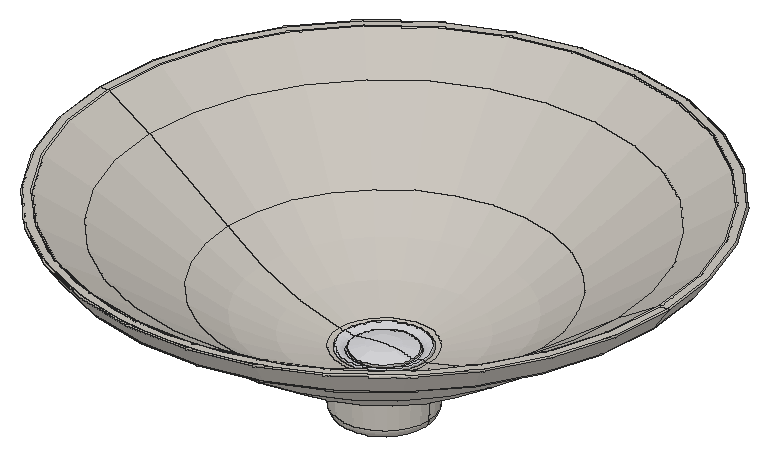
Revit family "Sink-Vessel-Lavatory-KOHLER-Shagreen_Round-K-77714_1", category Plumbing Fixtures, host Face, Revit 2017
Family settings
  Host = Face
  Round Connector Dimension = Use Diameter
  Part Type = Normal
  OmniClass Number = 23.31.13.00
  OmniClass Title = Sinks
  Cut with Voids When Loaded = No
  Shared = No
  Room Calculation Point = No
Parameters (values of type "SSP-Oyster_Pearl")
  Width = 17 173/256"  # constant formula
  WaterSense Certified = 1 = 0  # no
  Waste Water Outlet = "Waste Water Outlet"  # constant formula
  Waste Connection = 1 = 1  # yes
  Vessel [instance] = not(Drop In)  # no
  Vent Connection = 1 = 0  # no
  URL = "https://www.us.kohler.com/us/"
  Type = 1
  Product Page URL = "http://www.us.kohler.com/us/catalog/productDetails.jsp?productId=77714"
  Product Name = "Shagreen_Rectangle\r\n"  # constant formula
  Product Documentation Link = "https://www.us.kohler.com/webassets/kpna/catalog/pdf/en/K-77714_spec_US-CA_Kohler_en.pdf"
  Model = if(Type = 1, "K-77714-SSP", if(Type = 2, "K-77714-TB2", "NA"))  # "K-77714-SSP"
  Material = "Vitreous china"  # constant formula
  Master Format 2014 Name = "Residential Lavatories and Sinks"  # constant formula
  Master Format 2014 = "22 41 16"  # constant formula
  Manufacturer Address = "444 Highland Dr, Kohler, WI 53044"  # constant formula
  Manufacturer = "KOHLER Co."  # constant formula
  Length = 17 173/256"  # constant formula
  Hot Water Inlet = "Hot Water Inlet"  # constant formula
  Height = 5 63/64"  # constant formula
  HW Connection = 1 = 0  # no
  Finish = KOHLER-Vitreous_China-SSP-Oyster_Pearl
  Environmental Product Declaration = ""
  Drop In [instance] = yes
  Drain Included = 1 = 0  # no
  Description = "Round Wading Pool"  # constant formula
  Depth [instance] = if(Drop In, 1 3/4", 0")  # 1 3/4"
  Default Elevation = 36"
  Declare Label = ""
  Date Modified = "02/09/2021"  # constant formula
  Date Created = "02/09/2021"  # constant formula
  Copyright = "Copyright KOHLER Co."  # constant formula
  Contact Us = "https://www.us.kohler.com/us/static/contact.jsp"
  Cold Water Inlet = "Cold Water Inlet"  # constant formula
  CW Connection = 1 = 0  # no
  Assembly Code = "D2010400"
  ADA Compliant = 1 = 1  # yes
Types (3): name | Type | Product Page URL | Model | Finish
  (no name) | 1 | "http://www.us.kohler.com/us/catalog/productDetails.jsp?productId=77714" | "K-77714-SSP" | KOHLER-Vitreous_China-SSP-Oyster_Pearl
  SSP-Oyster_Pearl | 1 | "http://www.us.kohler.com/us/catalog/productDetails.jsp?productId=77714" | "K-77714-SSP" | KOHLER-Vitreous_China-SSP-Oyster_Pearl
  TB2-Ebony_Pearl | 2 | "http://www.us.kohler.com/us/catalog/productDetails.jsp?productId=K-77714" | "K-77714-TB2" | KOHLER-Vitreous_China-TB2-Ebony_Pearl
Reference planes (in)
  plane 1 "Center (Front/Back)": y = 0
  plane 2: z = 0
  plane 3 "Center (Left/Right)": x = 0
  plane 4: y = 8.83858
  plane 5: x = 8.83858
  plane 6: x = -8.8372
  plane 7: y = -8.8372
  plane 8: z = -1.75
  plane 9: z = -1.00197
  plane 10: z = -6.98634
Forms (in)
  Extrusion 1, void
    sketch origin (0, 0, 0) x (1, 0, 0) y (0, 1, 0)
      loop
        circle (0, 0) r 8.83858
    from -1.00197 to 3.06394
  Extrusion 2, void
    sketch origin (0, 0, 0) x (1, 0, 0) y (0, 1, 0)
      loop
        circle (0, 0) r 8.83858
    from -1.75 to -1.00197
  Extrusion 3, void
    sketch origin (0, 0, 0) x (1, 0, 0) y (0, 1, 0)
      loop
        circle (0, 0) r 8.25
    from -10.72174 to -1.75
Dimensions and locks (in)
  "Length": plane 4 to plane 7
  "Width": plane 6 to plane 5
  "Depth": level to plane 8
  locked: plane 9 to plane 8 at 0.74803
  "Height": plane 10 to plane 9
  aligned and locked: plane 2 to host face
  aligned and locked: level to host face
  aligned and locked: plane 8 to nested 1
  aligned and locked: plane 9 to nested 1
  aligned and locked: Extrusion 1 to plane 9
  aligned and locked: plane 9 to Extrusion 2
  aligned and locked: Extrusion 2 to plane 8
  aligned and locked: plane 8 to Extrusion 3
  aligned and locked: plane 10 to nested 1
Automatic sketch dimensions
  host sketch curve to host sketch curve = 96"  (x2)
  plane 1 "Center (Front/Back)" to Extrusion 1 sketch curve = 0"
  Extrusion 1 sketch curve to plane 3 "Center (Left/Right)" = 0"
  plane 1 "Center (Front/Back)" to Extrusion 2 sketch curve = 0"
  Extrusion 2 sketch curve to plane 3 "Center (Left/Right)" = 0"
  plane 1 "Center (Front/Back)" to Extrusion 3 sketch curve = 0"
  Extrusion 3 sketch curve to plane 3 "Center (Left/Right)" = 0"
  radius of Extrusion 1 sketch curve = 8.83858"
  radius of Extrusion 2 sketch curve = 8.83858"
  radius of Extrusion 3 sketch curve = 8 1/4"
Nested families (in)
  nested 1: "K-77714" at (0, 0, -6.98622), type "K-77714"
Connectors (in)
  piping at (0, 0, -6.98622), diameter 1.25, driven by "Waste Connection", driven by "Waste Water Outlet"
    settings: on nested 1, index 1, connector inside diameter 24", connector length 0", flow factor 0, pipe flow 0 GPM, pressure drop 0.00 psi, fitting loss kfactor 0, connector angle 0.00°, fixture units 0, engagement length 0", angle of deflection 0.00°, flow configuration 0, flow direction 2, fitting loss method 0, system type 16, joint type 0, gender type 0, connector reference index -1, connector utility 1, adjustable connector no, is connector primary yes, connector description "Waste Water Outlet"
Definition of nested family "K-77714"
  Parameters (values of type "K-77714")
    material = none
  Reference planes (in)
    plane 1 "Center (Front/Back)": y = 0
    plane 2: z = 0
    plane 3 "Center (Left/Right)": x = 0
    plane 4: y = 8.83858
    plane 5: x = -8.83858
    plane 6: z = 5.98425
    plane 7: z = 5.23622
    plane 8: x = 8.83858
    plane 9: y = -8.83858
    plane 10: z = 0
  Forms (in)
    Revolve 1, solid, material <- "material", detail levels medium+fine
      sketch origin (0, 0, 0) x (1, 0, 0) y (0, 0, 1)
        loop
          line (1.38151, 0.28751) -> (1.46546, 1.24709)
          arc (1.46546, 1.24709) -> (1.52284, 1.38746) -> (1.64959, 1.47071) r 0.25591
          arc (1.64959, 1.47071) -> (3.73064, 2.29508) -> (5.6141, 3.5046) r 11.57448
          arc (5.6141, 3.5046) -> (6.67938, 4.35366) -> (7.73574, 5.21379) r 130.47579
          arc (7.73574, 5.21379) -> (7.76506, 5.23044) -> (7.79829, 5.23622) r 0.09843
          line (7.79829, 5.23622) -> (8.25416, 5.23622)
          arc (8.25416, 5.23622) -> (8.31727, 5.25152) -> (8.36637, 5.29403) r 0.1378
          line (8.36637, 5.29403) -> (8.82796, 5.94161)
          arc (8.82796, 5.94161) -> (8.82998, 5.96963) -> (8.80599, 5.98425) r 0.02698
          line (8.80599, 5.98425) -> (8.57293, 5.98425)
          arc (8.57293, 5.98425) -> (8.55411, 5.98166) -> (8.5367, 5.97408) r 0.06955
          line (8.5367, 5.97408) -> (7.27301, 5.20319)
          arc (7.27301, 5.20319) -> (6.03774, 4.39164) -> (4.85958, 3.49919) r 22.05912
          arc (4.85958, 3.49919) -> (3.22581, 2.47592) -> (1.39295, 1.87852) r 7.90501
          arc (1.39295, 1.87852) -> (1.24403, 1.82568) -> (1.11703, 1.73166) r 0.53529
          line (1.11703, 1.73166) -> (0.86947, 1.48411) -> (0.86947, 0) -> (1.06775, 0)
          arc (1.06775, 0) -> (1.28053, 0.08275) -> (1.38151, 0.28751) r 0.31496
        axis (0, 5.98425) -> (0, 0)
      angle from 0 to 360
    Revolve 2, solid, detail levels medium+fine
      sketch origin (0, 0, 0.02217) x (1, 0, 0) y (0, 0, 1)
        loop
          line (0, 1.35726) -> (0, 1.93165)
          arc (0, 1.93165) -> (-0.45322, 1.90002) -> (-0.89765, 1.80572) r 3.26224
          arc (-0.89765, 1.80572) -> (-0.90727, 1.79092) -> (-0.89395, 1.77933) r 0.01345
          line (-0.89395, 1.77933) -> (-0.47341, 1.77933) -> (-0.47341, 1.64604) -> (-0.92435, 1.64604) -> (-0.95196, 1.7491)
          arc (-0.95196, 1.7491) -> (-1.06293, 1.83403) -> (-1.19767, 1.8711) r 0.36541
          arc (-1.19767, 1.8711) -> (-1.22863, 1.84821) -> (-1.21046, 1.81426) r 0.02944
          line (-1.21046, 1.81426) -> (-1.05016, 1.75273)
          arc (-1.05016, 1.75273) -> (-1.01199, 1.72733) -> (-0.9883, 1.68808) r 0.10483
          arc (-0.9883, 1.68808) -> (-0.89638, 1.50578) -> (-0.7563, 1.35726) r 0.70858
          line (-0.7563, 1.35726) -> (0, 1.35726)
        axis (0, 1.93165) -> (0, 1.35726)
      angle from 0 to 360
    Revolve 3, solid, material <- "material", detail levels coarse
      sketch origin (0, 0, 0) x (1, 0, 0) y (0, 0, 1)
        loop
          line (1.1679, 0) -> (1.52319, 0) -> (1.52319, 1.39073)
          arc (1.52319, 1.39073) -> (3.72432, 2.2239) -> (5.67227, 3.54475) r 10.08045
          arc (5.67227, 3.54475) -> (6.72195, 4.41347) -> (7.80803, 5.23622) r 31.66482
          line (7.80803, 5.23622) -> (8.35823, 5.23622) -> (8.83858, 5.98425) -> (7.80803, 5.98425) -> (5.0017, 3.54475)
          arc (5.0017, 3.54475) -> (3.2107, 2.38443) -> (1.1679, 1.76718) r 7.60779
          line (1.1679, 1.76718) -> (1.1679, 0)
        axis (0, 5.98425) -> (0, 0)
      angle from 0 to 360
  Lines and regions (in)
    Masking region 1
      outline origin (0, 0, 0) x (1, 0, 0) y (0, 0, 1)
        loop
          line (0, 0) -> (1.06731, 0)
          arc (1.06731, 0) -> (1.2801, 0.08275) -> (1.38107, 0.28751) r 0.31496
          line (1.38107, 0.28751) -> (1.46525, 1.2497)
          arc (1.46525, 1.2497) -> (1.52343, 1.39103) -> (1.65179, 1.47399) r 0.25591
          arc (1.65179, 1.47399) -> (3.76856, 2.30253) -> (5.67227, 3.54475) r 11.1046
          line (5.67227, 3.54475) -> (7.73292, 5.21343)
          arc (7.73292, 5.21343) -> (7.76878, 5.2304) -> (7.80803, 5.23622) r 0.13517
          line (7.80803, 5.23622) -> (8.25807, 5.23622)
          arc (8.25807, 5.23622) -> (8.31685, 5.25046) -> (8.3626, 5.29001) r 0.12846
          line (8.3626, 5.29001) -> (8.83192, 5.94703)
          arc (8.83192, 5.94703) -> (8.83369, 5.97148) -> (8.81276, 5.98425) r 0.02354
          line (8.81276, 5.98425) -> (0, 5.98425) -> (-8.81276, 5.98425)
          arc (-8.81276, 5.98425) -> (-8.83369, 5.97148) -> (-8.83192, 5.94703) r 0.02354
          line (-8.83192, 5.94703) -> (-8.3626, 5.29001)
          arc (-8.3626, 5.29001) -> (-8.31685, 5.25046) -> (-8.25807, 5.23622) r 0.12846
          line (-8.25807, 5.23622) -> (-7.80803, 5.23622)
          arc (-7.80803, 5.23622) -> (-7.76878, 5.2304) -> (-7.73292, 5.21343) r 0.13517
          line (-7.73292, 5.21343) -> (-5.67227, 3.54475)
          arc (-5.67227, 3.54475) -> (-3.76856, 2.30253) -> (-1.65179, 1.47399) r 11.1046
          arc (-1.65179, 1.47399) -> (-1.52343, 1.39103) -> (-1.46525, 1.2497) r 0.25591
          line (-1.46525, 1.2497) -> (-1.38107, 0.28751)
          arc (-1.38107, 0.28751) -> (-1.2801, 0.08275) -> (-1.06731, 0) r 0.31496
          line (-1.06731, 0) -> (0, 0)
    Masking region 2
      outline origin (0, 0, 0) x (0, 1, 0) y (0, 0, 1)
        loop
          line (0, 0) -> (1.06731, 0)
          arc (1.06731, 0) -> (1.2801, 0.08275) -> (1.38107, 0.28751) r 0.31496
          line (1.38107, 0.28751) -> (1.46525, 1.2497)
          arc (1.46525, 1.2497) -> (1.52343, 1.39103) -> (1.65179, 1.47399) r 0.25591
          arc (1.65179, 1.47399) -> (3.76856, 2.30253) -> (5.67227, 3.54475) r 11.1046
          line (5.67227, 3.54475) -> (7.73292, 5.21343)
          arc (7.73292, 5.21343) -> (7.76878, 5.2304) -> (7.80803, 5.23622) r 0.13517
          line (7.80803, 5.23622) -> (8.25807, 5.23622)
          arc (8.25807, 5.23622) -> (8.31685, 5.25046) -> (8.3626, 5.29001) r 0.12846
          line (8.3626, 5.29001) -> (8.83192, 5.94703)
          arc (8.83192, 5.94703) -> (8.83369, 5.97148) -> (8.81276, 5.98425) r 0.02354
          line (8.81276, 5.98425) -> (0, 5.98425) -> (-8.81276, 5.98425)
          arc (-8.81276, 5.98425) -> (-8.83369, 5.97148) -> (-8.83192, 5.94703) r 0.02354
          line (-8.83192, 5.94703) -> (-8.3626, 5.29001)
          arc (-8.3626, 5.29001) -> (-8.31685, 5.25046) -> (-8.25807, 5.23622) r 0.12846
          line (-8.25807, 5.23622) -> (-7.80803, 5.23622)
          arc (-7.80803, 5.23622) -> (-7.76878, 5.2304) -> (-7.73292, 5.21343) r 0.13517
          line (-7.73292, 5.21343) -> (-5.67227, 3.54475)
          arc (-5.67227, 3.54475) -> (-3.76856, 2.30253) -> (-1.65179, 1.47399) r 11.1046
          arc (-1.65179, 1.47399) -> (-1.52343, 1.39103) -> (-1.46525, 1.2497) r 0.25591
          line (-1.46525, 1.2497) -> (-1.38107, 0.28751)
          arc (-1.38107, 0.28751) -> (-1.2801, 0.08275) -> (-1.06731, 0) r 0.31496
          line (-1.06731, 0) -> (0, 0)
    Masking region 3
      outline origin (0, 0, 0) x (1, 0, 0) y (0, 1, 0)
        loop
          circle (0, 0) r 8.83858
    symbolic lines, detail levels medium+fine
      curve 1: line (7.80803, 0, 5.23622) -> (-7.80803, 0, 5.23622)
      curve 2: line (-7.73292, 0, 5.21343) -> (7.73292, 0, 5.21343)
      curve 3: line (1.65179, 0, 1.47399) -> (-1.65179, 0, 1.47399)
      curve 4: line (0, 7.80803, 5.23622) -> (0, -7.80803, 5.23622)
      curve 5: line (0, -7.73292, 5.21343) -> (0, 7.73292, 5.21343)
      curve 6: line (0, -1.65179, 1.47399) -> (0, 1.65179, 1.47399)
      curve 10: circle (0, 0, 0) r 6.29921 normal (0, 0, 1)
    symbolic lines
      curve 7: circle (0, 0, 0) r 1.22651 normal (0, 0, 1)
      curve 8: circle (0, 0, 0) r 0.86947 normal (0, 0, 1)
      curve 9: circle (0, 0, 0) r 8.46457 normal (0, 0, 1)
  Dimensions and locks (in)
    plane 6 to level = 5.98425"
    plane 6 to plane 7 = 0.74803"
    plane 5 to plane 8 = 17.67717"
    plane 9 to plane 4 = 17.67717"
    aligned and locked: plane 2 to level
